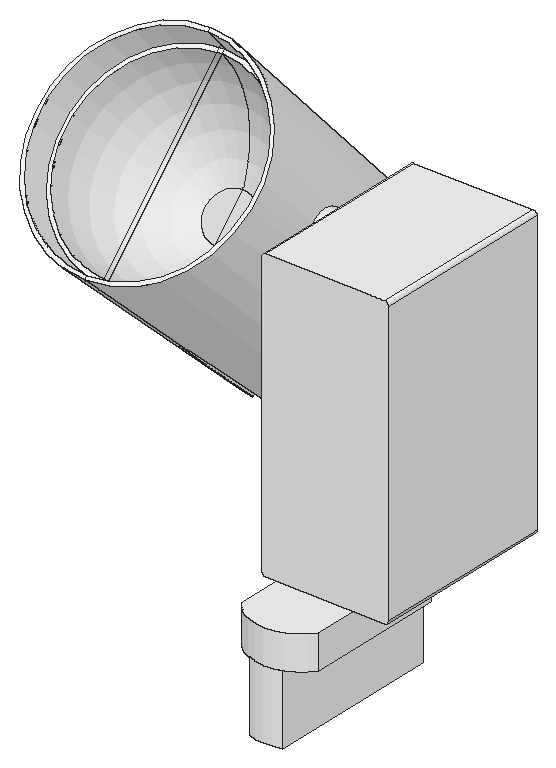
Revit family "0004812 Feilo Sylvania Lighting Fixture START TRACK SPOT S 14W 3K RA80 MB WHITE", category Lighting Fixtures, host Face, Revit 2017
Family settings
  Host = Face
  Round Connector Dimension = Use Diameter
  Part Type = Normal
  OmniClass Number = 23.80.70.00
  OmniClass Title = Lighting
  Cut with Voids When Loaded = No
  Light Source = No
  Shared = No
  Room Calculation Point = No
Parameters (values of type "0004812 START TRACK SPOT S 14W 3K RA80 MB WHITE")
  Weight = "0.94 kg"
  Wattage Comments = ""
  WarrantyStartDate [instance] = "n/a"
  WarrantyGuarantorParts = "n/a"
  WarrantyDurationUnit = "n/a"
  WarrantyDurationParts = "n/a"
  WarrantyDescription = "n/a"
  Voltage = 230 V
  URL = "http://www.sylvania-lighting.com"
  TypeName = "START TRACK SPOT S 14W 3K RA80 MB WHITE"
  TypeHead_FEILO = Start Track Spot Head : 0004812 START TRACK SPOT S 14W 3K RA80 MB WHITE
  TypeBox_FEILO = Start Track Spot Box : Type Small White
  Type Image = <None>
  Type Comments = "n/a"
  VerticalRotation_FEILO [instance] = 0.00°
  SlideEndAngle_FEILO [instance] = VerticalRotation_FEILO + 180.00°  # 180.00°
  SerialNumber [instance] = "n/a"
  Material_3_FEILO = none
  PowerFactor = 0.92
  PowerConsumption = "14 W"
  NominalLength = 0 mm
  NominalHeight = 200 mm
  NominalDepth = 140 mm
  Name = "START TRACK SPOT S 14W 3K RA80 MB WHITE"
  ModelReference = Name  # "START TRACK SPOT S 14W 3K RA80 MB WHITE"
  ModelNumber = "0004812"
  Model = Name  # "START TRACK SPOT S 14W 3K RA80 MB WHITE"
  Material = "adc12 aluminium housing, polycarbonate diffuser"
  ManufacturerName = "Feilo Sylvania"
  Manufacturer = "Feilo Sylvania"
  LuminousEfficacy = "108 lm/W"
  LuminaireType = ""
  LightOutputRatio = "100"
  LampsType = Lamp  # "LED"
  LampNominalLuminous = "1508 lm"
  LampMacAdamStep = "3"
  LampColourTemperature = "3000 K"
  LampColourRenderingIndex = "80"
  Lamp = "LED"
  Keynote = "16500"
  InstallationDate [instance] = "n/a"
  InputVoltage = "230-240V~"
  InputNominalFrequency = "50/60 Hz"
  IngressProtection = "IP20"
  ImpactProtectionIndex = "IK02"
  IfcExportType = "IfcLightFixtureType"
  IfcExportAs = "IfcLightFixtureType"
  HorizontalRotation_FEILO [instance] = 45.00°
  ExpectedLife = 50000
  ElectricShockClassification = "Class II"
  DurationUnit = "hours"
  DocumentationLiterature = "http://www.sylvania-lighting.com/product/en-int/products/0004812"
  DimmingControlOptions = "Non dimmable"
  Material_2_FEILO = none
  Description = "Integrated LED spotlight, Textured White - RAL9016, compact and minimalist design, ideal for retail applications, die-cast aluminium body, passive cooling heatsink. Beam angle: 36°, color temperature: 3000K , total system power: 14W, total fixture output: 1508 lm, LOR: 100%, colour rendering: Ra: 80 typical, LED Chromaticity: 3 step MacAdam ellipse, lifetime: >50000 hours at L70B50, energy class: A++, A+, A, IR/UV free light source without heat radiation, operating voltage: 220-240V / 50-60Hz, drive current: 350mA, electronic driver, non-dimmable, power factor: 0.92, electrical protection: Class II, Global Track 3 Phase adapter suitable for Global trac 3-circuit tracks, ingress protection rating: IP20, suitable for internal environment only, horizontal rotation: 355°, vertical tilt: 90°, dimensions: Ø86x140x200, weight: 0.940kg."
  Default Elevation = 1219.2 mm
  CreatedOn = "12/12/2017"
  CreatedBy = ""
  Cost = 0
  built-in parameter 1114216 [instance] = (empty or 0)
  ClassificationValue = "EF_70_80"
  ClassificationName = "Uniclass2015"
  Material_1_FEILO = Body-Sylvania-StartTrackSpot-White
  BarCode [instance] = "n/a"
  AssetType = "Fixed"
  AssetIdentifier [instance] = "n/a"
  Assembly Code = "D5020200"
  Apparent Load = 14 VA
  Material_4_FEILO = none
Reference planes
  plane 1 "Center (Front/Back)": y = 0
  plane 2: z = 0
  plane 3 "Center (Left/Right)": x = 0
  plane 4: x = 15
  plane 5: x = -15
  plane 6: y = 35
  plane 7: y = -35
  plane 8: z = 13
  plane 9: z = -27
  plane 10: x = 6.5
  plane 11: x = -6.5
  plane 12: y = 27
  plane 13: y = -27
  plane 14: y = 20
Forms (mm)
  Extrusion 1, solid, material "Body-Sylvania-StartTrackSpot-White" <- "Material_1_FEILO"
    sketch origin (0, 0, 0) x (1, 0, 0) y (0, 1, 0)
      loop
        line (-15, 27) -> (-15, -27)
        arc (-15, -27) -> (0, -35) -> (15, -27) r 18.062
        line (15, -27) -> (15, 27)
        arc (15, 27) -> (0, 35) -> (-15, 27) r 18.062
    from 0 to 13
  Extrusion 2, solid, material "Body-Sylvania-StartTrackSpot-White" <- "Material_1_FEILO"
    sketch origin (0, 0, 0) x (1, 0, 0) y (0, 1, 0)
      loop
        arc (6.5, 33.79) -> (0, 35) -> (-6.5, 33.79) r 18.062
        line (-6.5, 33.79) -> (-6.5, -33.79)
        arc (-6.5, -33.79) -> (0, -35) -> (6.5, -33.79) r 18.062
        line (6.5, -33.79) -> (6.5, 33.79)
    from 0 to -27
  Revolve 3, solid, not visible
    sketch origin (1524, 20, 1219.2) x (1, 0, 0) y (0, 0, 1)
      loop
        line (-1524, -1206.2) -> (-1524, -1191.285) -> (-1530.5, -1191.285) -> (-1530.5, -1206.2) -> (-1524, -1206.2)
      axis (-1524, -1191.285) -> (-1524, -1206.2)
    angle from 0 <- "VerticalRotation_FEILO" to 180 <- "SlideEndAngle_FEILO"
Cuts and joins
  joined: Extrusion 1, Extrusion 2
Dimensions and locks
  equal spacing: plane 10, plane 3 "Center (Left/Right)", plane 11
  equal spacing: plane 4, plane 3 "Center (Left/Right)", plane 5
  locked: plane 8 to plane 2 at 13
  locked: plane 8 to plane 9 at 40
  equal spacing: plane 13, plane 1 "Center (Front/Back)", plane 12
  locked: plane 12 to plane 6 at 8
  locked: plane 14 to plane 6 at 15
  locked: Revolve 3 sketch curve to plane 8 at 14.915
  aligned and locked: plane 2 to host face
  aligned and locked: level to host face
  aligned and locked: plane 5 to Extrusion 1 sketch curve  (x2)
  aligned and locked: plane 12 to Extrusion 1 sketch curve
  aligned and locked: plane 13 to Extrusion 1 sketch curve
  aligned and locked: plane 4 to Extrusion 1 sketch curve
  aligned and locked: Extrusion 1 to plane 8
  aligned and locked: Extrusion 1 to level
  aligned and locked: Extrusion 2 sketch curve to Extrusion 1  (x2)
  aligned and locked: Extrusion 2 sketch curve to plane 11
  aligned and locked: plane 10 to Extrusion 2 sketch curve
  aligned and locked: plane 9 to Extrusion 2
  aligned and locked: level to Extrusion 2
  aligned and locked: Revolve 3 sketch curve to plane 3 "Center (Left/Right)"  (x2)
  aligned and locked: plane 11 to Revolve 3 sketch curve
  aligned and locked: Revolve 3 sketch curve to plane 8
Automatic sketch dimensions
  host sketch curve to host sketch curve = 2438.4 mm  (x2)
  Extrusion 1 sketch curve to plane 3 "Center (Left/Right)" = 0 mm  (x2)
  Extrusion 1 sketch curve to plane 13 = 10.062 mm
  plane 12 to Extrusion 1 sketch curve = 10.062 mm
  Revolve 3 sketch curve to plane 3 "Center (Left/Right)" = 0 mm
  plane 9 to Revolve 3 sketch curve = 582.6 mm
  Revolve 3 sketch curve to Revolve 3 sketch curve = 2581.144 mm
Nested families
  nested 1: "Start Track Spot Head" at (-62, 20, 112.529) x (0, 0.7071, 0.7071) z (0, 0.7071, -0.7071), type <- "TypeHead_FEILO", type "0004812 START TRACK SPOT S 14W 3K RA80 MB WHITE"
    with built-in parameter 1114216 (empty or 0)
  nested 2: "Start Track Spot Box" at (8.5, 20, 73) x (-1, 0, 0) z (0, -1, 0), BoxStartAngle_FEILO <- "HorizontalRotation_FEILO", type <- "TypeBox_FEILO", type "Type Small White"
    with BoxStartAngle_FEILO 45.00°, BoxEndAngle_FEILO -135.00°
Connectors
  electrical at (0, 0, 0), driven by "Apparent Load", driven by "PowerFactor", driven by "Voltage"
    settings: index 1, voltage 230 V, apparent load 14 VA, apparent load phase1 0 VA, apparent load phase2 0 VA, apparent load phase3 0 VA, power factor 0.92, load classification "Lighting", number of poles 1, system type 30, power factor state 1, is connector primary yes, connector utility no, sub classification motor no, connector description ""
Definition of nested family "Start Track Spot Head"
  Parameters (values of type "0004811 START TRACK SPOT S 14W 3K RA80 NB WHITE")
    Wattage Comments = "n/a"
    Wattage = 14 W
    built-in parameter 1150110 = 1 (stored number, unit not read)
    URL = "http://www.feilosylvania.com"
    Type Image = (empty or 0)
    Type Comments = "n/a"
    built-in parameter 1114217 = 1 (stored number, unit not read)
    Tilt Angle = -90.00°
    built-in parameter 1150109 = 1 (stored number, unit not read)
    built-in parameter 1150134 = (empty or 0)
    built-in parameter 1150113 = 1 (stored number, unit not read)
    Photometric Web File = "0004811.ies"
    Material_3_FEILO = none
    Model = "START TRACK SPOT S 14W 3K RA80 NB WHITE"
    Manufacturer = "Feilo Sylvania"
    built-in parameter 1150105 = 123.66 (stored number, unit not read)
    Lumens = 1554 lm
    built-in parameter 1150115 = 1 (stored number, unit not read)
    built-in parameter 1150137 = (empty or 0)
    built-in parameter 1150139 = (empty or 0)
    built-in parameter 1150112 = 1 (stored number, unit not read)
    built-in parameter 1150114 = 1 (stored number, unit not read)
    Lamp = "LED"
    Keynote = "16500"
    Material_2_FEILO = none
    built-in parameter 1150132 = (empty or 0)
    built-in parameter 1150102 = (empty or 0)
    built-in parameter 1150107 = 3000 (stored number, unit not read)
    built-in parameter 1150138 = (empty or 0)
    built-in parameter 1150106 = 1.2366 (stored number, unit not read)
    HeadThickness_FEILO = if(HeadDiaOut_FEILO > 112 mm, 2 mm, 1.5 mm)  # 1.5 mm
    HeadRibOffset_FEILO = HeadHeight_FEILO / 28  # 4.179 mm
    HeadRibDepth_FEILO = HeadHeight_FEILO / 2.1  # 55.714 mm
    HeadRibCutWidth_FEILO = HeadDiaOut_FEILO / 12  # 7.167 mm
    HeadRibCutOffset_FEILO = HeadHeight_FEILO / 2.3  # 50.87 mm
    HeadReflectorRadius_FEILO = HeadDiaOut_FEILO / 1.7  # 50.588 mm
    HeadReflectorOffset_FEILO = HeadHeight_FEILO / 2.1  # 55.714 mm
    HeadLEDRadius_FEILO = HeadDiaOut_FEILO / 9  # 9.556 mm
    HeadHeight_FEILO = 117 mm
    HeadDraft_FEILO = 1 mm
    HeadDiffusorThickness_FEILO = 3 mm
    HeadDiffusorOffset_FEILO = HeadHeight_FEILO / 12.4  # 9.435 mm
    HeadDiaOut_FEILO = 86 mm
    HeadDiaIn_FEILO = HeadDiaOut_FEILO / 1.11  # 77.477 mm
    HeadAxisFromTop_FEILO = HeadHeight_FEILO / 1.687  # 69.354 mm
    Emit from Circle Diameter = HeadDiaIn_FEILO  # 77.477 mm
    Emit Shape Visible in Rendering = no
    built-in parameter 1150104 = 10.312 (stored number, unit not read)
    Dimming Lamp Color Temperature Shift = (empty or 0)
    Description = "Integrated LED spotlight, Textured White - RAL9016, compact and minimalist design, ideal for retail applications, die-cast aluminium body, passive cooling heatsink. Beam angle: 12°, color temperature: 3000K , total system power: 14W, total fixture output: 1551 lm, LOR: 100%, colour rendering: Ra: 80 typical, LED Chromaticity: 3 step MacAdam ellipse, lifetime: >50000 hours at L70B50, energy class: A++, A+, A, IR/UV free light source without heat radiation, operating voltage: 220-240V / 50-60Hz, drive current: 350mA, electronic driver, non-dimmable, power factor: 0.92, electrical protection: Class II, Global Track 3 Phase adapter suitable for Global trac 3-circuit tracks, ingress protection rating: IP20, suitable for internal environment only, horizontal rotation: 355°, vertical tilt: 90°, dimensions: Ø86x140x200, weight: 0.940kg."
    Default Elevation = 1219.2 mm
    Cost = 0
    Color Filter = 16777215
    built-in parameter 1114216 [instance] = (empty or 0)
    Material_1_FEILO = none
    built-in parameter 1114218 = 1 (stored number, unit not read)
    built-in parameter 1150133 = 10 (stored number, unit not read)
    Assembly Code = "D5020200"
    Apparent Load = 14 VA
    Material_4_FEILO = none
  Types (96, lengths in mm): name | Wattage | built-in parameter 1150134 | Photometric Web File | Model | built-in parameter 1150105 | Lumens | built-in parameter 1150107 | built-in parameter 1150106 | HeadThickness_FEILO | HeadRibOffset_FEILO | HeadRibDepth_FEILO | HeadRibCutWidth_FEILO | HeadRibCutOffset_FEILO | HeadReflectorRadius_FEILO | HeadReflectorOffset_FEILO | HeadLEDRadius_FEILO | HeadHeight_FEILO | HeadDiffusorOffset_FEILO | HeadDiaOut_FEILO | HeadDiaIn_FEILO | HeadAxisFromTop_FEILO | Emit from Circle Diameter | built-in parameter 1150104 | Description | Apparent Load
    0004906 START TRACK SPOT L 55W 4K RA90 WB BLACK | 55 W | 12 | "0004906.ies" | "START TRACK SPOT L 55W 4K RA90 WB BLACK" | 385.15 (stored number, unit not read) | 4840 lm | 4000 (stored number, unit not read) | 3.8515 (stored number, unit not read) | 2 | 4.429 | 59.048 | 9.417 | 53.913 | 66.471 | 59.048 | 12.556 | 124 | 10 | 113 | 101.802 | 73.503 | 101.802 | 8.1755 (stored number, unit not read) | "Integrated LED spotlight, Textured Black - RAL9005, compact and minimalist design, ideal for retail applications, die-cast aluminium body, passive cooling heatsink. Beam angle: 52°, color temperature: 4000K , total system power: 55W, total fixture output: 4824 lm, LOR: 100%, colour rendering: Ra: 90 typical, LED Chromaticity: 3 step MacAdam ellipse, lifetime: >50000 hours at L70B50, energy class: A++, A+, A, IR/UV free light source without heat radiation, operating voltage: 220-240V / 50-60Hz, drive current: 1400mA, electronic driver, non-dimmable, power factor: 0.96, electrical protection: Class II, Global Track 3 Phase adapter suitable for Global trac 3-circuit tracks, ingress protection rating: IP20, suitable for internal environment only, horizontal rotation: 355°, vertical tilt: 90°, dimensions: Ø113x164x240, weight: 1.398kg." | 55 VA
    0004905 START TRACK SPOT L 55W 4K RA90 MB BLACK | 55 W | 12 | "0004905.ies" | "START TRACK SPOT L 55W 4K RA90 MB BLACK" | 389.53 (stored number, unit not read) | 4895 lm | 4000 (stored number, unit not read) | 3.8953 (stored number, unit not read) | 2 | 4.429 | 59.048 | 9.417 | 53.913 | 66.471 | 59.048 | 12.556 | 124 | 10 | 113 | 101.802 | 73.503 | 101.802 | 8.2684 (stored number, unit not read) | "Integrated LED spotlight, Textured Black - RAL9005, compact and minimalist design, ideal for retail applications, die-cast aluminium body, passive cooling heatsink. Beam angle: 38°, color temperature: 4000K , total system power: 55W, total fixture output: 4897 lm, LOR: 100%, colour rendering: Ra: 90 typical, LED Chromaticity: 3 step MacAdam ellipse, lifetime: >50000 hours at L70B50, energy class: A++, A+, A, IR/UV free light source without heat radiation, operating voltage: 220-240V / 50-60Hz, drive current: 1400mA, electronic driver, non-dimmable, power factor: 0.96, electrical protection: Class II, Global Track 3 Phase adapter suitable for Global trac 3-circuit tracks, ingress protection rating: IP20, suitable for internal environment only, horizontal rotation: 355°, vertical tilt: 90°, dimensions: Ø113x164x240, weight: 1.398kg." | 55 VA
    0004904 START TRACK SPOT L 55W 4K RA90 NB BLACK | 55 W | 12 | "0004904.ies" | "START TRACK SPOT L 55W 4K RA90 NB BLACK" | 393.91 (stored number, unit not read) | 4950 lm | 4000 (stored number, unit not read) | 3.9391 (stored number, unit not read) | 2 | 4.429 | 59.048 | 9.417 | 53.913 | 66.471 | 59.048 | 12.556 | 124 | 10 | 113 | 101.802 | 73.503 | 101.802 | 8.3613 (stored number, unit not read) | "Integrated LED spotlight, Textured Black - RAL9005, compact and minimalist design, ideal for retail applications, die-cast aluminium body, passive cooling heatsink. Beam angle: 15°, color temperature: 4000K , total system power: 55W, total fixture output: 4965 lm, LOR: 100%, colour rendering: Ra: 90 typical, LED Chromaticity: 3 step MacAdam ellipse, lifetime: >50000 hours at L70B50, energy class: A++, A+, A, IR/UV free light source without heat radiation, operating voltage: 220-240V / 50-60Hz, drive current: 1400mA, electronic driver, non-dimmable, power factor: 0.96, electrical protection: Class II, Global Track 3 Phase adapter suitable for Global trac 3-circuit tracks, ingress protection rating: IP20, suitable for internal environment only, horizontal rotation: 355°, vertical tilt: 90°, dimensions: Ø113x164x240, weight: 1.398kg." | 55 VA
    0004903 START TRACK SPOT L 35W 4K RA90 WB BLACK | 35 W | 12 | "0004903.ies" | "START TRACK SPOT L 35W 4K RA90 WB BLACK" | 284.09 (stored number, unit not read) | 3570 lm | 4000 (stored number, unit not read) | 2.8409 (stored number, unit not read) | 2 | 4.429 | 59.048 | 9.417 | 53.913 | 66.471 | 59.048 | 12.556 | 124 | 10 | 113 | 101.802 | 73.503 | 101.802 | 9.4761 (stored number, unit not read) | "Integrated LED spotlight, Textured Black - RAL9005, compact and minimalist design, ideal for retail applications, die-cast aluminium body, passive cooling heatsink. Beam angle: 52°, color temperature: 4000K , total system power: 35W, total fixture output: 3562 lm, LOR: 100%, colour rendering: Ra: 90 typical, LED Chromaticity: 3 step MacAdam ellipse, lifetime: >50000 hours at L70B50, energy class: A++, A+, A, IR/UV free light source without heat radiation, operating voltage: 220-240V / 50-60Hz, drive current: 900mA, electronic driver, non-dimmable, power factor: 0.93, electrical protection: Class II, Global Track 3 Phase adapter suitable for Global trac 3-circuit tracks, ingress protection rating: IP20, suitable for internal environment only, horizontal rotation: 355°, vertical tilt: 90°, dimensions: Ø113x164x240, weight: 1.368kg." | 35 VA
    0004902 START TRACK SPOT L 35W 4K RA90 MB BLACK | 35 W | 12 | "0004902.ies" | "START TRACK SPOT L 35W 4K RA90 MB BLACK" | 286.88 (stored number, unit not read) | 3605 lm | 4000 (stored number, unit not read) | 2.8688 (stored number, unit not read) | 2 | 4.429 | 59.048 | 9.417 | 53.913 | 66.471 | 59.048 | 12.556 | 124 | 10 | 113 | 101.802 | 73.503 | 101.802 | 9.569 (stored number, unit not read) | "Integrated LED spotlight, Textured Black - RAL9005, compact and minimalist design, ideal for retail applications, die-cast aluminium body, passive cooling heatsink. Beam angle: 38°, color temperature: 4000K , total system power: 35W, total fixture output: 3616 lm, LOR: 100%, colour rendering: Ra: 90 typical, LED Chromaticity: 3 step MacAdam ellipse, lifetime: >50000 hours at L70B50, energy class: A++, A+, A, IR/UV free light source without heat radiation, operating voltage: 220-240V / 50-60Hz, drive current: 900mA, electronic driver, non-dimmable, power factor: 0.93, electrical protection: Class II, Global Track 3 Phase adapter suitable for Global trac 3-circuit tracks, ingress protection rating: IP20, suitable for internal environment only, horizontal rotation: 355°, vertical tilt: 90°, dimensions: Ø113x164x240, weight: 1.368kg." | 35 VA
    0004901 START TRACK SPOT L 35W 4K RA90 NB BLACK | 35 W | 12 | "0004901.ies" | "START TRACK SPOT L 35W 4K RA90 NB BLACK" | 286.88 (stored number, unit not read) | 3605 lm | 4000 (stored number, unit not read) | 2.8688 (stored number, unit not read) | 2 | 4.429 | 59.048 | 9.417 | 53.913 | 66.471 | 59.048 | 12.556 | 124 | 10 | 113 | 101.802 | 73.503 | 101.802 | 9.569 (stored number, unit not read) | "Integrated LED spotlight, Textured Black - RAL9005, compact and minimalist design, ideal for retail applications, die-cast aluminium body, passive cooling heatsink. Beam angle: 15°, color temperature: 4000K , total system power: 35W, total fixture output: 3593 lm, LOR: 100%, colour rendering: Ra: 90 typical, LED Chromaticity: 3 step MacAdam ellipse, lifetime: >50000 hours at L70B50, energy class: A++, A+, A, IR/UV free light source without heat radiation, operating voltage: 220-240V / 50-60Hz, drive current: 900mA, electronic driver, non-dimmable, power factor: 0.93, electrical protection: Class II, Global Track 3 Phase adapter suitable for Global trac 3-circuit tracks, ingress protection rating: IP20, suitable for internal environment only, horizontal rotation: 355°, vertical tilt: 90°, dimensions: Ø113x164x240, weight: 1.368kg." | 35 VA
    0004900 START TRACK SPOT S 24W 4K RA90 WB BLACK | 24 W | 12 | "0004900.ies" | "START TRACK SPOT S 24W 4K RA90 WB BLACK" | 166.16 (stored number, unit not read) | 2088 lm | 4000 (stored number, unit not read) | 1.6616 (stored number, unit not read) | 1.5 | 4.179 | 55.714 | 7.167 | 50.87 | 50.588 | 55.714 | 9.556 | 117 | 9.435 | 86 | 77.477 | 69.354 | 77.477 | 8.0826 (stored number, unit not read) | "Integrated LED spotlight, Textured Black - RAL9005, compact and minimalist design, ideal for retail applications, die-cast aluminium body, passive cooling heatsink. Beam angle: 64°, color temperature: 4000K , total system power: 24W, total fixture output: 2087 lm, LOR: 100%, colour rendering: Ra: 90 typical, LED Chromaticity: 3 step MacAdam ellipse, lifetime: >50000 hours at L70B50, energy class: A++, A+, A, IR/UV free light source without heat radiation, operating voltage: 220-240V / 50-60Hz, drive current: 600mA, electronic driver, non-dimmable, power factor: 0.95, electrical protection: Class II, Global Track 3 Phase adapter suitable for Global trac 3-circuit tracks, ingress protection rating: IP20, suitable for internal environment only, horizontal rotation: 355°, vertical tilt: 90°, dimensions: Ø86x140x200, weight: 0.966kg." | 24 VA
    0004899 START TRACK SPOT S 24W 4K RA90 MB BLACK | 24 W | 12 | "0004899.ies" | "START TRACK SPOT S 24W 4K RA90 MB BLACK" | 169.98 (stored number, unit not read) | 2136 lm | 4000 (stored number, unit not read) | 1.6998 (stored number, unit not read) | 1.5 | 4.179 | 55.714 | 7.167 | 50.87 | 50.588 | 55.714 | 9.556 | 117 | 9.435 | 86 | 77.477 | 69.354 | 77.477 | 8.2684 (stored number, unit not read) | "Integrated LED spotlight, Textured Black - RAL9005, compact and minimalist design, ideal for retail applications, die-cast aluminium body, passive cooling heatsink. Beam angle: 36°, color temperature: 4000K , total system power: 24W, total fixture output: 2141 lm, LOR: 100%, colour rendering: Ra: 90 typical, LED Chromaticity: 3 step MacAdam ellipse, lifetime: >50000 hours at L70B50, energy class: A++, A+, A, IR/UV free light source without heat radiation, operating voltage: 220-240V / 50-60Hz, drive current: 600mA, electronic driver, non-dimmable, power factor: 0.95, electrical protection: Class II, Global Track 3 Phase adapter suitable for Global trac 3-circuit tracks, ingress protection rating: IP20, suitable for internal environment only, horizontal rotation: 355°, vertical tilt: 90°, dimensions: Ø86x140x200, weight: 0.966kg." | 24 VA
    0004898 START TRACK SPOT S 24W 4K RA90 NB BLACK | 24 W | 12 | "0004898.ies" | "START TRACK SPOT S 24W 4K RA90 NB BLACK" | 171.89 (stored number, unit not read) | 2160 lm | 4000 (stored number, unit not read) | 1.7189 (stored number, unit not read) | 1.5 | 4.179 | 55.714 | 7.167 | 50.87 | 50.588 | 55.714 | 9.556 | 117 | 9.435 | 86 | 77.477 | 69.354 | 77.477 | 8.3613 (stored number, unit not read) | "Integrated LED spotlight, Textured Black - RAL9005, compact and minimalist design, ideal for retail applications, die-cast aluminium body, passive cooling heatsink. Beam angle: 12°, color temperature: 4000K , total system power: 24W, total fixture output: 2155 lm, LOR: 100%, colour rendering: Ra: 90 typical, LED Chromaticity: 3 step MacAdam ellipse, lifetime: >50000 hours at L70B50, energy class: A++, A+, A, IR/UV free light source without heat radiation, operating voltage: 220-240V / 50-60Hz, drive current: 600mA, electronic driver, non-dimmable, power factor: 0.95, electrical protection: Class II, Global Track 3 Phase adapter suitable for Global trac 3-circuit tracks, ingress protection rating: IP20, suitable for internal environment only, horizontal rotation: 355°, vertical tilt: 90°, dimensions: Ø86x140x200, weight: 0.966kg." | 24 VA
    0004897 START TRACK SPOT S 14W 4K RA90 WB BLACK | 14 W | 12 | "0004897.ies" | "START TRACK SPOT S 14W 4K RA90 WB BLACK" | 108.07 (stored number, unit not read) | 1358 lm | 4000 (stored number, unit not read) | 1.0807 (stored number, unit not read) | 1.5 | 4.179 | 55.714 | 7.167 | 50.87 | 50.588 | 55.714 | 9.556 | 117 | 9.435 | 86 | 77.477 | 69.354 | 77.477 | 9.0116 (stored number, unit not read) | "Integrated LED spotlight, Textured Black - RAL9005, compact and minimalist design, ideal for retail applications, die-cast aluminium body, passive cooling heatsink. Beam angle: 64°, color temperature: 4000K , total system power: 14W, total fixture output: 1352 lm, LOR: 100%, colour rendering: Ra: 90 typical, LED Chromaticity: 3 step MacAdam ellipse, lifetime: >50000 hours at L70B50, energy class: A++, A+, A, IR/UV free light source without heat radiation, operating voltage: 220-240V / 50-60Hz, drive current: 350mA, electronic driver, non-dimmable, power factor: 0.92, electrical protection: Class II, Global Track 3 Phase adapter suitable for Global trac 3-circuit tracks, ingress protection rating: IP20, suitable for internal environment only, horizontal rotation: 355°, vertical tilt: 90°, dimensions: Ø86x140x200, weight: 0.940kg." | 14 VA
    0004896 START TRACK SPOT S 14W 4K RA90 MB BLACK | 14 W | 12 | "0004896.ies" | "START TRACK SPOT S 14W 4K RA90 MB BLACK" | 108.07 (stored number, unit not read) | 1358 lm | 4000 (stored number, unit not read) | 1.0807 (stored number, unit not read) | 1.5 | 4.179 | 55.714 | 7.167 | 50.87 | 50.588 | 55.714 | 9.556 | 117 | 9.435 | 86 | 77.477 | 69.354 | 77.477 | 9.0116 (stored number, unit not read) | "Integrated LED spotlight, Textured Black - RAL9005, compact and minimalist design, ideal for retail applications, die-cast aluminium body, passive cooling heatsink. Beam angle: 36°, color temperature: 4000K , total system power: 14W, total fixture output: 1359 lm, LOR: 100%, colour rendering: Ra: 90 typical, LED Chromaticity: 3 step MacAdam ellipse, lifetime: >50000 hours at L70B50, energy class: A++, A+, A, IR/UV free light source without heat radiation, operating voltage: 220-240V / 50-60Hz, drive current: 350mA, electronic driver, non-dimmable, power factor: 0.92, electrical protection: Class II, Global Track 3 Phase adapter suitable for Global trac 3-circuit tracks, ingress protection rating: IP20, suitable for internal environment only, horizontal rotation: 355°, vertical tilt: 90°, dimensions: Ø86x140x200, weight: 0.940kg." | 14 VA
    0004895 START TRACK SPOT S 14W 4K RA90 NB BLACK | 14 W | 12 | "0004895.ies" | "START TRACK SPOT S 14W 4K RA90 NB BLACK" | 106.95 (stored number, unit not read) | 1344 lm | 4000 (stored number, unit not read) | 1.0695 (stored number, unit not read) | 1.5 | 4.179 | 55.714 | 7.167 | 50.87 | 50.588 | 55.714 | 9.556 | 117 | 9.435 | 86 | 77.477 | 69.354 | 77.477 | 8.9187 (stored number, unit not read) | "Integrated LED spotlight, Textured Black - RAL9005, compact and minimalist design, ideal for retail applications, die-cast aluminium body, passive cooling heatsink. Beam angle: 12°, color temperature: 4000K , total system power: 14W, total fixture output: 1349 lm, LOR: 100%, colour rendering: Ra: 90 typical, LED Chromaticity: 3 step MacAdam ellipse, lifetime: >50000 hours at L70B50, energy class: A++, A+, A, IR/UV free light source without heat radiation, operating voltage: 220-240V / 50-60Hz, drive current: 350mA, electronic driver, non-dimmable, power factor: 0.92, electrical protection: Class II, Global Track 3 Phase adapter suitable for Global trac 3-circuit tracks, ingress protection rating: IP20, suitable for internal environment only, horizontal rotation: 355°, vertical tilt: 90°, dimensions: Ø86x140x200, weight: 0.940kg." | 14 VA
    0004894 START TRACK SPOT L 55W 3K RA90 WB BLACK | 55 W | (empty or 0) | "0004894.ies" | "START TRACK SPOT L 55W 3K RA90 WB BLACK" | 350.14 (stored number, unit not read) | 4400 lm | 3000 (stored number, unit not read) | 3.5014 (stored number, unit not read) | 2 | 4.429 | 59.048 | 9.417 | 53.913 | 66.471 | 59.048 | 12.556 | 124 | 10 | 113 | 101.802 | 73.503 | 101.802 | 7.4322 (stored number, unit not read) | "Integrated LED spotlight, Textured Black - RAL9005, compact and minimalist design, ideal for retail applications, die-cast aluminium body, passive cooling heatsink. Beam angle: 52°, color temperature: 3000K , total system power: 55W, total fixture output: 4405 lm, LOR: 100%, colour rendering: Ra: 90 typical, LED Chromaticity: 3 step MacAdam ellipse, lifetime: >50000 hours at L70B50, energy class: A++, A+, A, IR/UV free light source without heat radiation, operating voltage: 220-240V / 50-60Hz, drive current: 1400mA, electronic driver, non-dimmable, power factor: 0.96, electrical protection: Class II, Global Track 3 Phase adapter suitable for Global trac 3-circuit tracks, ingress protection rating: IP20, suitable for internal environment only, horizontal rotation: 355°, vertical tilt: 90°, dimensions: Ø113x164x240, weight: 1.398kg." | 55 VA
    0004893 START TRACK SPOT L 55W 3K RA90 MB BLACK | 55 W | (empty or 0) | "0004893.ies" | "START TRACK SPOT L 55W 3K RA90 MB BLACK" | 354.52 (stored number, unit not read) | 4455 lm | 3000 (stored number, unit not read) | 3.5452 (stored number, unit not read) | 2 | 4.429 | 59.048 | 9.417 | 53.913 | 66.471 | 59.048 | 12.556 | 124 | 10 | 113 | 101.802 | 73.503 | 101.802 | 7.5251 (stored number, unit not read) | "Integrated LED spotlight, Textured Black - RAL9005, compact and minimalist design, ideal for retail applications, die-cast aluminium body, passive cooling heatsink. Beam angle: 38°, color temperature: 3000K , total system power: 55W, total fixture output: 4448 lm, LOR: 100%, colour rendering: Ra: 90 typical, LED Chromaticity: 3 step MacAdam ellipse, lifetime: >50000 hours at L70B50, energy class: A++, A+, A, IR/UV free light source without heat radiation, operating voltage: 220-240V / 50-60Hz, drive current: 1400mA, electronic driver, non-dimmable, power factor: 0.96, electrical protection: Class II, Global Track 3 Phase adapter suitable for Global trac 3-circuit tracks, ingress protection rating: IP20, suitable for internal environment only, horizontal rotation: 355°, vertical tilt: 90°, dimensions: Ø113x164x240, weight: 1.398kg." | 55 VA
    0004892 START TRACK SPOT L 55W 3K RA90 NB BLACK | 55 W | (empty or 0) | "0004892.ies" | "START TRACK SPOT L 55W 3K RA90 NB BLACK" | 350.14 (stored number, unit not read) | 4400 lm | 3000 (stored number, unit not read) | 3.5014 (stored number, unit not read) | 2 | 4.429 | 59.048 | 9.417 | 53.913 | 66.471 | 59.048 | 12.556 | 124 | 10 | 113 | 101.802 | 73.503 | 101.802 | 7.4322 (stored number, unit not read) | "Integrated LED spotlight, Textured Black - RAL9005, compact and minimalist design, ideal for retail applications, die-cast aluminium body, passive cooling heatsink. Beam angle: 15°, color temperature: 3000K , total system power: 55W, total fixture output: 4416 lm, LOR: 100%, colour rendering: Ra: 90 typical, LED Chromaticity: 3 step MacAdam ellipse, lifetime: >50000 hours at L70B50, energy class: A++, A+, A, IR/UV free light source without heat radiation, operating voltage: 220-240V / 50-60Hz, drive current: 1400mA, electronic driver, non-dimmable, power factor: 0.96, electrical protection: Class II, Global Track 3 Phase adapter suitable for Global trac 3-circuit tracks, ingress protection rating: IP20, suitable for internal environment only, horizontal rotation: 355°, vertical tilt: 90°, dimensions: Ø113x164x240, weight: 1.398kg." | 55 VA
    0004891 START TRACK SPOT L 35W 3K RA90 WB BLACK | 35 W | (empty or 0) | "0004891.ies" | "START TRACK SPOT L 35W 3K RA90 WB BLACK" | 259.02 (stored number, unit not read) | 3255 lm | 3000 (stored number, unit not read) | 2.5902 (stored number, unit not read) | 2 | 4.429 | 59.048 | 9.417 | 53.913 | 66.471 | 59.048 | 12.556 | 124 | 10 | 113 | 101.802 | 73.503 | 101.802 | 8.64 (stored number, unit not read) | "Integrated LED spotlight, Textured Black - RAL9005, compact and minimalist design, ideal for retail applications, die-cast aluminium body, passive cooling heatsink. Beam angle: 52°, color temperature: 3000K , total system power: 35W, total fixture output: 3260 lm, LOR: 100%, colour rendering: Ra: 90 typical, LED Chromaticity: 3 step MacAdam ellipse, lifetime: >50000 hours at L70B50, energy class: A++, A+, A, IR/UV free light source without heat radiation, operating voltage: 220-240V / 50-60Hz, drive current: 900mA, electronic driver, non-dimmable, power factor: 0.93, electrical protection: Class II, Global Track 3 Phase adapter suitable for Global trac 3-circuit tracks, ingress protection rating: IP20, suitable for internal environment only, horizontal rotation: 355°, vertical tilt: 90°, dimensions: Ø113x164x240, weight: 1.368kg." | 35 VA
    0004890 START TRACK SPOT L 35W 3K RA90 MB BLACK | 35 W | (empty or 0) | "0004890.ies" | "START TRACK SPOT L 35W 3K RA90 MB BLACK" | 261.81 (stored number, unit not read) | 3290 lm | 3000 (stored number, unit not read) | 2.6181 (stored number, unit not read) | 2 | 4.429 | 59.048 | 9.417 | 53.913 | 66.471 | 59.048 | 12.556 | 124 | 10 | 113 | 101.802 | 73.503 | 101.802 | 8.7329 (stored number, unit not read) | "Integrated LED spotlight, Textured Black - RAL9005, compact and minimalist design, ideal for retail applications, die-cast aluminium body, passive cooling heatsink. Beam angle: 38°, color temperature: 3000K , total system power: 35W, total fixture output: 3306 lm, LOR: 100%, colour rendering: Ra: 90 typical, LED Chromaticity: 3 step MacAdam ellipse, lifetime: >50000 hours at L70B50, energy class: A++, A+, A, IR/UV free light source without heat radiation, operating voltage: 220-240V / 50-60Hz, drive current: 900mA, electronic driver, non-dimmable, power factor: 0.93, electrical protection: Class II, Global Track 3 Phase adapter suitable for Global trac 3-circuit tracks, ingress protection rating: IP20, suitable for internal environment only, horizontal rotation: 355°, vertical tilt: 90°, dimensions: Ø113x164x240, weight: 1.368kg." | 35 VA
    0004889 START TRACK SPOT L 35W 3K RA90 NB BLACK | 35 W | (empty or 0) | "0004889.ies" | "START TRACK SPOT L 35W 3K RA90 NB BLACK" | 261.81 (stored number, unit not read) | 3290 lm | 3000 (stored number, unit not read) | 2.6181 (stored number, unit not read) | 2 | 4.429 | 59.048 | 9.417 | 53.913 | 66.471 | 59.048 | 12.556 | 124 | 10 | 113 | 101.802 | 73.503 | 101.802 | 8.7329 (stored number, unit not read) | "Integrated LED spotlight, Textured Black - RAL9005, compact and minimalist design, ideal for retail applications, die-cast aluminium body, passive cooling heatsink. Beam angle: 15°, color temperature: 3000K , total system power: 35W, total fixture output: 3287 lm, LOR: 100%, colour rendering: Ra: 90 typical, LED Chromaticity: 3 step MacAdam ellipse, lifetime: >50000 hours at L70B50, energy class: A++, A+, A, IR/UV free light source without heat radiation, operating voltage: 220-240V / 50-60Hz, drive current: 900mA, electronic driver, non-dimmable, power factor: 0.93, electrical protection: Class II, Global Track 3 Phase adapter suitable for Global trac 3-circuit tracks, ingress protection rating: IP20, suitable for internal environment only, horizontal rotation: 355°, vertical tilt: 90°, dimensions: Ø113x164x240, weight: 1.368kg." | 35 VA
    0004888 START TRACK SPOT S 24W 3K RA90 WB BLACK | 24 W | (empty or 0) | "0004888.ies" | "START TRACK SPOT S 24W 3K RA90 WB BLACK" | 152.79 (stored number, unit not read) | 1920 lm | 3000 (stored number, unit not read) | 1.5279 (stored number, unit not read) | 1.5 | 4.179 | 55.714 | 7.167 | 50.87 | 50.588 | 55.714 | 9.556 | 117 | 9.435 | 86 | 77.477 | 69.354 | 77.477 | 7.4322 (stored number, unit not read) | "Integrated LED spotlight, Textured Black - RAL9005, compact and minimalist design, ideal for retail applications, die-cast aluminium body, passive cooling heatsink. Beam angle: 64°, color temperature: 3000K , total system power: 24W, total fixture output: 1928 lm, LOR: 100%, colour rendering: Ra: 90 typical, LED Chromaticity: 3 step MacAdam ellipse, lifetime: >50000 hours at L70B50, energy class: A++, A+, A, IR/UV free light source without heat radiation, operating voltage: 220-240V / 50-60Hz, drive current: 600mA, electronic driver, non-dimmable, power factor: 0.95, electrical protection: Class II, Global Track 3 Phase adapter suitable for Global trac 3-circuit tracks, ingress protection rating: IP20, suitable for internal environment only, horizontal rotation: 355°, vertical tilt: 90°, dimensions: Ø86x140x200, weight: 0.966kg." | 24 VA
    0004887 START TRACK SPOT S 24W 3K RA90 MB BLACK | 24 W | (empty or 0) | "0004887.ies" | "START TRACK SPOT S 24W 3K RA90 MB BLACK" | 154.7 (stored number, unit not read) | 1944 lm | 3000 (stored number, unit not read) | 1.547 (stored number, unit not read) | 1.5 | 4.179 | 55.714 | 7.167 | 50.87 | 50.588 | 55.714 | 9.556 | 117 | 9.435 | 86 | 77.477 | 69.354 | 77.477 | 7.5251 (stored number, unit not read) | "Integrated LED spotlight, Textured Black - RAL9005, compact and minimalist design, ideal for retail applications, die-cast aluminium body, passive cooling heatsink. Beam angle: 36°, color temperature: 3000K , total system power: 24W, total fixture output: 1944 lm, LOR: 100%, colour rendering: Ra: 90 typical, LED Chromaticity: 3 step MacAdam ellipse, lifetime: >50000 hours at L70B50, energy class: A++, A+, A, IR/UV free light source without heat radiation, operating voltage: 220-240V / 50-60Hz, drive current: 600mA, electronic driver, non-dimmable, power factor: 0.95, electrical protection: Class II, Global Track 3 Phase adapter suitable for Global trac 3-circuit tracks, ingress protection rating: IP20, suitable for internal environment only, horizontal rotation: 355°, vertical tilt: 90°, dimensions: Ø86x140x200, weight: 0.966kg." | 24 VA
    0004886 START TRACK SPOT S 24W 3K RA90 NB BLACK | 24 W | (empty or 0) | "0004886.ies" | "START TRACK SPOT S 24W 3K RA90 NB BLACK" | 158.52 (stored number, unit not read) | 1992 lm | 3000 (stored number, unit not read) | 1.5852 (stored number, unit not read) | 1.5 | 4.179 | 55.714 | 7.167 | 50.87 | 50.588 | 55.714 | 9.556 | 117 | 9.435 | 86 | 77.477 | 69.354 | 77.477 | 7.711 (stored number, unit not read) | "Integrated LED spotlight, Textured Black - RAL9005, compact and minimalist design, ideal for retail applications, die-cast aluminium body, passive cooling heatsink. Beam angle: 12°, color temperature: 3000K , total system power: 24W, total fixture output: 1987 lm, LOR: 100%, colour rendering: Ra: 90 typical, LED Chromaticity: 3 step MacAdam ellipse, lifetime: >50000 hours at L70B50, energy class: A++, A+, A, IR/UV free light source without heat radiation, operating voltage: 220-240V / 50-60Hz, drive current: 600mA, electronic driver, non-dimmable, power factor: 0.95, electrical protection: Class II, Global Track 3 Phase adapter suitable for Global trac 3-circuit tracks, ingress protection rating: IP20, suitable for internal environment only, horizontal rotation: 355°, vertical tilt: 90°, dimensions: Ø86x140x200, weight: 0.966kg." | 24 VA
    0004885 START TRACK SPOT S 14W 3K RA90 WB BLACK | 14 W | (empty or 0) | "0004885.ies" | "START TRACK SPOT S 14W 3K RA90 WB BLACK" | 100.27 (stored number, unit not read) | 1260 lm | 3000 (stored number, unit not read) | 1.0027 (stored number, unit not read) | 1.5 | 4.179 | 55.714 | 7.167 | 50.87 | 50.588 | 55.714 | 9.556 | 117 | 9.435 | 86 | 77.477 | 69.354 | 77.477 | 8.3613 (stored number, unit not read) | "Integrated LED spotlight, Textured Black - RAL9005, compact and minimalist design, ideal for retail applications, die-cast aluminium body, passive cooling heatsink. Beam angle: 64°, color temperature: 3000K , total system power: 14W, total fixture output: 1262 lm, LOR: 100%, colour rendering: Ra: 90 typical, LED Chromaticity: 3 step MacAdam ellipse, lifetime: >50000 hours at L70B50, energy class: A++, A+, A, IR/UV free light source without heat radiation, operating voltage: 220-240V / 50-60Hz, drive current: 350mA, electronic driver, non-dimmable, power factor: 0.92, electrical protection: Class II, Global Track 3 Phase adapter suitable for Global trac 3-circuit tracks, ingress protection rating: IP20, suitable for internal environment only, horizontal rotation: 355°, vertical tilt: 90°, dimensions: Ø86x140x200, weight: 0.940kg." | 14 VA
    0004884 START TRACK SPOT S 14W 3K RA90 MB BLACK | 14 W | (empty or 0) | "0004884.ies" | "START TRACK SPOT S 14W 3K RA90 MB BLACK" | 100.27 (stored number, unit not read) | 1260 lm | 3000 (stored number, unit not read) | 1.0027 (stored number, unit not read) | 1.5 | 4.179 | 55.714 | 7.167 | 50.87 | 50.588 | 55.714 | 9.556 | 117 | 9.435 | 86 | 77.477 | 69.354 | 77.477 | 8.3613 (stored number, unit not read) | "Integrated LED spotlight, Textured Black - RAL9005, compact and minimalist design, ideal for retail applications, die-cast aluminium body, passive cooling heatsink. Beam angle: 36°, color temperature: 3000K , total system power: 14W, total fixture output: 1262 lm, LOR: 100%, colour rendering: Ra: 90 typical, LED Chromaticity: 3 step MacAdam ellipse, lifetime: >50000 hours at L70B50, energy class: A++, A+, A, IR/UV free light source without heat radiation, operating voltage: 220-240V / 50-60Hz, drive current: 350mA, electronic driver, non-dimmable, power factor: 0.92, electrical protection: Class II, Global Track 3 Phase adapter suitable for Global trac 3-circuit tracks, ingress protection rating: IP20, suitable for internal environment only, horizontal rotation: 355°, vertical tilt: 90°, dimensions: Ø86x140x200, weight: 0.940kg." | 14 VA
    0004883 START TRACK SPOT S 14W 3K RA90 NB BLACK | 14 W | (empty or 0) | "0004883.ies" | "START TRACK SPOT S 14W 3K RA90 NB BLACK" | 102.5 (stored number, unit not read) | 1288 lm | 3000 (stored number, unit not read) | 1.025 (stored number, unit not read) | 1.5 | 4.179 | 55.714 | 7.167 | 50.87 | 50.588 | 55.714 | 9.556 | 117 | 9.435 | 86 | 77.477 | 69.354 | 77.477 | 8.5471 (stored number, unit not read) | "Integrated LED spotlight, Textured Black - RAL9005, compact and minimalist design, ideal for retail applications, die-cast aluminium body, passive cooling heatsink. Beam angle: 12°, color temperature: 3000K , total system power: 14W, total fixture output: 1284 lm, LOR: 100%, colour rendering: Ra: 90 typical, LED Chromaticity: 3 step MacAdam ellipse, lifetime: >50000 hours at L70B50, energy class: A++, A+, A, IR/UV free light source without heat radiation, operating voltage: 220-240V / 50-60Hz, drive current: 350mA, electronic driver, non-dimmable, power factor: 0.92, electrical protection: Class II, Global Track 3 Phase adapter suitable for Global trac 3-circuit tracks, ingress protection rating: IP20, suitable for internal environment only, horizontal rotation: 355°, vertical tilt: 90°, dimensions: Ø86x140x200, weight: 0.940kg." | 14 VA
    0004882 START TRACK SPOT L 55W 4K RA90 WB WHITE | 55 W | 12 | "0004882.ies" | "START TRACK SPOT L 55W 4K RA90 WB WHITE" | 385.15 (stored number, unit not read) | 4840 lm | 4000 (stored number, unit not read) | 3.8515 (stored number, unit not read) | 2 | 4.429 | 59.048 | 9.417 | 53.913 | 66.471 | 59.048 | 12.556 | 124 | 10 | 113 | 101.802 | 73.503 | 101.802 | 8.1755 (stored number, unit not read) | "Integrated LED spotlight, Textured White - RAL9016, compact and minimalist design, ideal for retail applications, die-cast aluminium body, passive cooling heatsink. Beam angle: 52°, color temperature: 4000K , total system power: 55W, total fixture output: 4824 lm, LOR: 100%, colour rendering: Ra: 90 typical, LED Chromaticity: 3 step MacAdam ellipse, lifetime: >50000 hours at L70B50, energy class: A++, A+, A, IR/UV free light source without heat radiation, operating voltage: 220-240V / 50-60Hz, drive current: 1400mA, electronic driver, non-dimmable, power factor: 0.96, electrical protection: Class II, Global Track 3 Phase adapter suitable for Global trac 3-circuit tracks, ingress protection rating: IP20, suitable for internal environment only, horizontal rotation: 355°, vertical tilt: 90°, dimensions: Ø113x164x240, weight: 1.398kg." | 55 VA
    0004881 START TRACK SPOT L 55W 4K RA90 MB WHITE | 55 W | 12 | "0004881.ies" | "START TRACK SPOT L 55W 4K RA90 MB WHITE" | 389.53 (stored number, unit not read) | 4895 lm | 4000 (stored number, unit not read) | 3.8953 (stored number, unit not read) | 2 | 4.429 | 59.048 | 9.417 | 53.913 | 66.471 | 59.048 | 12.556 | 124 | 10 | 113 | 101.802 | 73.503 | 101.802 | 8.2684 (stored number, unit not read) | "Integrated LED spotlight, Textured White - RAL9016, compact and minimalist design, ideal for retail applications, die-cast aluminium body, passive cooling heatsink. Beam angle: 38°, color temperature: 4000K , total system power: 55W, total fixture output: 4897 lm, LOR: 100%, colour rendering: Ra: 90 typical, LED Chromaticity: 3 step MacAdam ellipse, lifetime: >50000 hours at L70B50, energy class: A++, A+, A, IR/UV free light source without heat radiation, operating voltage: 220-240V / 50-60Hz, drive current: 1400mA, electronic driver, non-dimmable, power factor: 0.96, electrical protection: Class II, Global Track 3 Phase adapter suitable for Global trac 3-circuit tracks, ingress protection rating: IP20, suitable for internal environment only, horizontal rotation: 355°, vertical tilt: 90°, dimensions: Ø113x164x240, weight: 1.398kg." | 55 VA
    0004880 START TRACK SPOT L 55W 4K RA90 NB WHITE | 55 W | 12 | "0004880.ies" | "START TRACK SPOT L 55W 4K RA90 NB WHITE" | 393.91 (stored number, unit not read) | 4950 lm | 4000 (stored number, unit not read) | 3.9391 (stored number, unit not read) | 2 | 4.429 | 59.048 | 9.417 | 53.913 | 66.471 | 59.048 | 12.556 | 124 | 10 | 113 | 101.802 | 73.503 | 101.802 | 8.3613 (stored number, unit not read) | "Integrated LED spotlight, Textured White - RAL9016, compact and minimalist design, ideal for retail applications, die-cast aluminium body, passive cooling heatsink. Beam angle: 15°, color temperature: 4000K , total system power: 55W, total fixture output: 4965 lm, LOR: 100%, colour rendering: Ra: 90 typical, LED Chromaticity: 3 step MacAdam ellipse, lifetime: >50000 hours at L70B50, energy class: A++, A+, A, IR/UV free light source without heat radiation, operating voltage: 220-240V / 50-60Hz, drive current: 1400mA, electronic driver, non-dimmable, power factor: 0.96, electrical protection: Class II, Global Track 3 Phase adapter suitable for Global trac 3-circuit tracks, ingress protection rating: IP20, suitable for internal environment only, horizontal rotation: 355°, vertical tilt: 90°, dimensions: Ø113x164x240, weight: 1.398kg." | 55 VA
    0004879 START TRACK SPOT L 35W 4K RA90 WB WHITE | 35 W | 12 | "0004879.ies" | "START TRACK SPOT L 35W 4K RA90 WB WHITE" | 284.09 (stored number, unit not read) | 3570 lm | 4000 (stored number, unit not read) | 2.8409 (stored number, unit not read) | 2 | 4.429 | 59.048 | 9.417 | 53.913 | 66.471 | 59.048 | 12.556 | 124 | 10 | 113 | 101.802 | 73.503 | 101.802 | 9.4761 (stored number, unit not read) | "Integrated LED spotlight, Textured White - RAL9016, compact and minimalist design, ideal for retail applications, die-cast aluminium body, passive cooling heatsink. Beam angle: 52°, color temperature: 4000K , total system power: 35W, total fixture output: 3562 lm, LOR: 100%, colour rendering: Ra: 90 typical, LED Chromaticity: 3 step MacAdam ellipse, lifetime: >50000 hours at L70B50, energy class: A++, A+, A, IR/UV free light source without heat radiation, operating voltage: 220-240V / 50-60Hz, drive current: 900mA, electronic driver, non-dimmable, power factor: 0.93, electrical protection: Class II, Global Track 3 Phase adapter suitable for Global trac 3-circuit tracks, ingress protection rating: IP20, suitable for internal environment only, horizontal rotation: 355°, vertical tilt: 90°, dimensions: Ø113x164x240, weight: 1.368kg." | 35 VA
    0004878 START TRACK SPOT L 35W 4K RA90 MB WHITE | 35 W | 12 | "0004878.ies" | "START TRACK SPOT L 35W 4K RA90 MB WHITE" | 286.88 (stored number, unit not read) | 3605 lm | 4000 (stored number, unit not read) | 2.8688 (stored number, unit not read) | 2 | 4.429 | 59.048 | 9.417 | 53.913 | 66.471 | 59.048 | 12.556 | 124 | 10 | 113 | 101.802 | 73.503 | 101.802 | 9.569 (stored number, unit not read) | "Integrated LED spotlight, Textured White - RAL9016, compact and minimalist design, ideal for retail applications, die-cast aluminium body, passive cooling heatsink. Beam angle: 38°, color temperature: 4000K , total system power: 35W, total fixture output: 3616 lm, LOR: 100%, colour rendering: Ra: 90 typical, LED Chromaticity: 3 step MacAdam ellipse, lifetime: >50000 hours at L70B50, energy class: A++, A+, A, IR/UV free light source without heat radiation, operating voltage: 220-240V / 50-60Hz, drive current: 900mA, electronic driver, non-dimmable, power factor: 0.93, electrical protection: Class II, Global Track 3 Phase adapter suitable for Global trac 3-circuit tracks, ingress protection rating: IP20, suitable for internal environment only, horizontal rotation: 355°, vertical tilt: 90°, dimensions: Ø113x164x240, weight: 1.368kg." | 35 VA
    0004877 START TRACK SPOT L 35W 4K RA90 NB WHITE | 35 W | 12 | "0004877.ies" | "START TRACK SPOT L 35W 4K RA90 NB WHITE" | 286.88 (stored number, unit not read) | 3605 lm | 4000 (stored number, unit not read) | 2.8688 (stored number, unit not read) | 2 | 4.429 | 59.048 | 9.417 | 53.913 | 66.471 | 59.048 | 12.556 | 124 | 10 | 113 | 101.802 | 73.503 | 101.802 | 9.569 (stored number, unit not read) | "Integrated LED spotlight, Textured White - RAL9016, compact and minimalist design, ideal for retail applications, die-cast aluminium body, passive cooling heatsink. Beam angle: 15°, color temperature: 4000K , total system power: 35W, total fixture output: 3593 lm, LOR: 100%, colour rendering: Ra: 90 typical, LED Chromaticity: 3 step MacAdam ellipse, lifetime: >50000 hours at L70B50, energy class: A++, A+, A, IR/UV free light source without heat radiation, operating voltage: 220-240V / 50-60Hz, drive current: 900mA, electronic driver, non-dimmable, power factor: 0.93, electrical protection: Class II, Global Track 3 Phase adapter suitable for Global trac 3-circuit tracks, ingress protection rating: IP20, suitable for internal environment only, horizontal rotation: 355°, vertical tilt: 90°, dimensions: Ø113x164x240, weight: 1.368kg." | 35 VA
    0004876 START TRACK SPOT S 24W 4K RA90 WB WHITE | 24 W | 12 | "0004876.ies" | "START TRACK SPOT S 24W 4K RA90 WB WHITE" | 166.16 (stored number, unit not read) | 2088 lm | 4000 (stored number, unit not read) | 1.6616 (stored number, unit not read) | 1.5 | 4.179 | 55.714 | 7.167 | 50.87 | 50.588 | 55.714 | 9.556 | 117 | 9.435 | 86 | 77.477 | 69.354 | 77.477 | 8.0826 (stored number, unit not read) | "Integrated LED spotlight, Textured White - RAL9016, compact and minimalist design, ideal for retail applications, die-cast aluminium body, passive cooling heatsink. Beam angle: 64°, color temperature: 4000K , total system power: 24W, total fixture output: 2087 lm, LOR: 100%, colour rendering: Ra: 90 typical, LED Chromaticity: 3 step MacAdam ellipse, lifetime: >50000 hours at L70B50, energy class: A++, A+, A, IR/UV free light source without heat radiation, operating voltage: 220-240V / 50-60Hz, drive current: 600mA, electronic driver, non-dimmable, power factor: 0.95, electrical protection: Class II, Global Track 3 Phase adapter suitable for Global trac 3-circuit tracks, ingress protection rating: IP20, suitable for internal environment only, horizontal rotation: 355°, vertical tilt: 90°, dimensions: Ø86x140x200, weight: 0.966kg." | 24 VA
    0004875 START TRACK SPOT S 24W 4K RA90 MB WHITE | 24 W | 12 | "0004875.ies" | "START TRACK SPOT S 24W 4K RA90 MB WHITE" | 169.98 (stored number, unit not read) | 2136 lm | 4000 (stored number, unit not read) | 1.6998 (stored number, unit not read) | 1.5 | 4.179 | 55.714 | 7.167 | 50.87 | 50.588 | 55.714 | 9.556 | 117 | 9.435 | 86 | 77.477 | 69.354 | 77.477 | 8.2684 (stored number, unit not read) | "Integrated LED spotlight, Textured White - RAL9016, compact and minimalist design, ideal for retail applications, die-cast aluminium body, passive cooling heatsink. Beam angle: 36°, color temperature: 4000K , total system power: 24W, total fixture output: 2141 lm, LOR: 100%, colour rendering: Ra: 90 typical, LED Chromaticity: 3 step MacAdam ellipse, lifetime: >50000 hours at L70B50, energy class: A++, A+, A, IR/UV free light source without heat radiation, operating voltage: 220-240V / 50-60Hz, drive current: 600mA, electronic driver, non-dimmable, power factor: 0.95, electrical protection: Class II, Global Track 3 Phase adapter suitable for Global trac 3-circuit tracks, ingress protection rating: IP20, suitable for internal environment only, horizontal rotation: 355°, vertical tilt: 90°, dimensions: Ø86x140x200, weight: 0.966kg." | 24 VA
    0004874 START TRACK SPOT S 24W 4K RA90 NB WHITE | 24 W | 12 | "0004874.ies" | "START TRACK SPOT S 24W 4K RA90 NB WHITE" | 171.89 (stored number, unit not read) | 2160 lm | 4000 (stored number, unit not read) | 1.7189 (stored number, unit not read) | 1.5 | 4.179 | 55.714 | 7.167 | 50.87 | 50.588 | 55.714 | 9.556 | 117 | 9.435 | 86 | 77.477 | 69.354 | 77.477 | 8.3613 (stored number, unit not read) | "Integrated LED spotlight, Textured White - RAL9016, compact and minimalist design, ideal for retail applications, die-cast aluminium body, passive cooling heatsink. Beam angle: 12°, color temperature: 4000K , total system power: 24W, total fixture output: 2155 lm, LOR: 100%, colour rendering: Ra: 90 typical, LED Chromaticity: 3 step MacAdam ellipse, lifetime: >50000 hours at L70B50, energy class: A++, A+, A, IR/UV free light source without heat radiation, operating voltage: 220-240V / 50-60Hz, drive current: 600mA, electronic driver, non-dimmable, power factor: 0.95, electrical protection: Class II, Global Track 3 Phase adapter suitable for Global trac 3-circuit tracks, ingress protection rating: IP20, suitable for internal environment only, horizontal rotation: 355°, vertical tilt: 90°, dimensions: Ø86x140x200, weight: 0.966kg." | 24 VA
    0004873 START TRACK SPOT S 14W 4K RA90 WB WHITE | 14 W | 12 | "0004873.ies" | "START TRACK SPOT S 14W 4K RA90 WB WHITE" | 108.07 (stored number, unit not read) | 1358 lm | 4000 (stored number, unit not read) | 1.0807 (stored number, unit not read) | 1.5 | 4.179 | 55.714 | 7.167 | 50.87 | 50.588 | 55.714 | 9.556 | 117 | 9.435 | 86 | 77.477 | 69.354 | 77.477 | 9.0116 (stored number, unit not read) | "Integrated LED spotlight, Textured White - RAL9016, compact and minimalist design, ideal for retail applications, die-cast aluminium body, passive cooling heatsink. Beam angle: 64°, color temperature: 4000K , total system power: 14W, total fixture output: 1352 lm, LOR: 100%, colour rendering: Ra: 90 typical, LED Chromaticity: 3 step MacAdam ellipse, lifetime: >50000 hours at L70B50, energy class: A++, A+, A, IR/UV free light source without heat radiation, operating voltage: 220-240V / 50-60Hz, drive current: 350mA, electronic driver, non-dimmable, power factor: 0.92, electrical protection: Class II, Global Track 3 Phase adapter suitable for Global trac 3-circuit tracks, ingress protection rating: IP20, suitable for internal environment only, horizontal rotation: 355°, vertical tilt: 90°, dimensions: Ø86x140x200, weight: 0.940kg." | 14 VA
    0004872 START TRACK SPOT S 14W 4K RA90 MB WHITE | 14 W | 12 | "0004872.ies" | "START TRACK SPOT S 14W 4K RA90 MB WHITE" | 108.07 (stored number, unit not read) | 1358 lm | 4000 (stored number, unit not read) | 1.0807 (stored number, unit not read) | 1.5 | 4.179 | 55.714 | 7.167 | 50.87 | 50.588 | 55.714 | 9.556 | 117 | 9.435 | 86 | 77.477 | 69.354 | 77.477 | 9.0116 (stored number, unit not read) | "Integrated LED spotlight, Textured White - RAL9016, compact and minimalist design, ideal for retail applications, die-cast aluminium body, passive cooling heatsink. Beam angle: 36°, color temperature: 4000K , total system power: 14W, total fixture output: 1359 lm, LOR: 100%, colour rendering: Ra: 90 typical, LED Chromaticity: 3 step MacAdam ellipse, lifetime: >50000 hours at L70B50, energy class: A++, A+, A, IR/UV free light source without heat radiation, operating voltage: 220-240V / 50-60Hz, drive current: 350mA, electronic driver, non-dimmable, power factor: 0.92, electrical protection: Class II, Global Track 3 Phase adapter suitable for Global trac 3-circuit tracks, ingress protection rating: IP20, suitable for internal environment only, horizontal rotation: 355°, vertical tilt: 90°, dimensions: Ø86x140x200, weight: 0.940kg." | 14 VA
    0004871 START TRACK SPOT S 14W 4K RA90 NB WHITE | 14 W | 12 | "0004871.ies" | "START TRACK SPOT S 14W 4K RA90 NB WHITE" | 106.95 (stored number, unit not read) | 1344 lm | 4000 (stored number, unit not read) | 1.0695 (stored number, unit not read) | 1.5 | 4.179 | 55.714 | 7.167 | 50.87 | 50.588 | 55.714 | 9.556 | 117 | 9.435 | 86 | 77.477 | 69.354 | 77.477 | 8.9187 (stored number, unit not read) | "Integrated LED spotlight, Textured White - RAL9016, compact and minimalist design, ideal for retail applications, die-cast aluminium body, passive cooling heatsink. Beam angle: 12°, color temperature: 4000K , total system power: 14W, total fixture output: 1349 lm, LOR: 100%, colour rendering: Ra: 90 typical, LED Chromaticity: 3 step MacAdam ellipse, lifetime: >50000 hours at L70B50, energy class: A++, A+, A, IR/UV free light source without heat radiation, operating voltage: 220-240V / 50-60Hz, drive current: 350mA, electronic driver, non-dimmable, power factor: 0.92, electrical protection: Class II, Global Track 3 Phase adapter suitable for Global trac 3-circuit tracks, ingress protection rating: IP20, suitable for internal environment only, horizontal rotation: 355°, vertical tilt: 90°, dimensions: Ø86x140x200, weight: 0.940kg." | 14 VA
    0004870 START TRACK SPOT L 55W 3K RA90 WB WHITE | 55 W | (empty or 0) | "0004870.ies" | "START TRACK SPOT L 55W 3K RA90 WB WHITE" | 350.14 (stored number, unit not read) | 4400 lm | 3000 (stored number, unit not read) | 3.5014 (stored number, unit not read) | 2 | 4.429 | 59.048 | 9.417 | 53.913 | 66.471 | 59.048 | 12.556 | 124 | 10 | 113 | 101.802 | 73.503 | 101.802 | 7.4322 (stored number, unit not read) | "Integrated LED spotlight, Textured White - RAL9016, compact and minimalist design, ideal for retail applications, die-cast aluminium body, passive cooling heatsink. Beam angle: 52°, color temperature: 3000K , total system power: 55W, total fixture output: 4405 lm, LOR: 100%, colour rendering: Ra: 90 typical, LED Chromaticity: 3 step MacAdam ellipse, lifetime: >50000 hours at L70B50, energy class: A++, A+, A, IR/UV free light source without heat radiation, operating voltage: 220-240V / 50-60Hz, drive current: 1400mA, electronic driver, non-dimmable, power factor: 0.96, electrical protection: Class II, Global Track 3 Phase adapter suitable for Global trac 3-circuit tracks, ingress protection rating: IP20, suitable for internal environment only, horizontal rotation: 355°, vertical tilt: 90°, dimensions: Ø113x164x240, weight: 1.398kg." | 55 VA
    0004869 START TRACK SPOT L 55W 3K RA90 MB WHITE | 55 W | (empty or 0) | "0004869.ies" | "START TRACK SPOT L 55W 3K RA90 MB WHITE" | 354.52 (stored number, unit not read) | 4455 lm | 3000 (stored number, unit not read) | 3.5452 (stored number, unit not read) | 2 | 4.429 | 59.048 | 9.417 | 53.913 | 66.471 | 59.048 | 12.556 | 124 | 10 | 113 | 101.802 | 73.503 | 101.802 | 7.5251 (stored number, unit not read) | "Integrated LED spotlight, Textured White - RAL9016, compact and minimalist design, ideal for retail applications, die-cast aluminium body, passive cooling heatsink. Beam angle: 38°, color temperature: 3000K , total system power: 55W, total fixture output: 4448 lm, LOR: 100%, colour rendering: Ra: 90 typical, LED Chromaticity: 3 step MacAdam ellipse, lifetime: >50000 hours at L70B50, energy class: A++, A+, A, IR/UV free light source without heat radiation, operating voltage: 220-240V / 50-60Hz, drive current: 1400mA, electronic driver, non-dimmable, power factor: 0.96, electrical protection: Class II, Global Track 3 Phase adapter suitable for Global trac 3-circuit tracks, ingress protection rating: IP20, suitable for internal environment only, horizontal rotation: 355°, vertical tilt: 90°, dimensions: Ø113x164x240, weight: 1.398kg." | 55 VA
    0004868 START TRACK SPOT L 55W 3K RA90 NB WHITE | 55 W | (empty or 0) | "0004868.ies" | "START TRACK SPOT L 55W 3K RA90 NB WHITE" | 350.14 (stored number, unit not read) | 4400 lm | 3000 (stored number, unit not read) | 3.5014 (stored number, unit not read) | 2 | 4.429 | 59.048 | 9.417 | 53.913 | 66.471 | 59.048 | 12.556 | 124 | 10 | 113 | 101.802 | 73.503 | 101.802 | 7.4322 (stored number, unit not read) | "Integrated LED spotlight, Textured White - RAL9016, compact and minimalist design, ideal for retail applications, die-cast aluminium body, passive cooling heatsink. Beam angle: 15°, color temperature: 3000K , total system power: 55W, total fixture output: 4416 lm, LOR: 100%, colour rendering: Ra: 90 typical, LED Chromaticity: 3 step MacAdam ellipse, lifetime: >50000 hours at L70B50, energy class: A++, A+, A, IR/UV free light source without heat radiation, operating voltage: 220-240V / 50-60Hz, drive current: 1400mA, electronic driver, non-dimmable, power factor: 0.96, electrical protection: Class II, Global Track 3 Phase adapter suitable for Global trac 3-circuit tracks, ingress protection rating: IP20, suitable for internal environment only, horizontal rotation: 355°, vertical tilt: 90°, dimensions: Ø113x164x240, weight: 1.398kg." | 55 VA
    0004867 START TRACK SPOT L 35W 3K RA90 WB WHITE | 35 W | (empty or 0) | "0004867.ies" | "START TRACK SPOT L 35W 3K RA90 WB WHITE" | 259.02 (stored number, unit not read) | 3255 lm | 3000 (stored number, unit not read) | 2.5902 (stored number, unit not read) | 2 | 4.429 | 59.048 | 9.417 | 53.913 | 66.471 | 59.048 | 12.556 | 124 | 10 | 113 | 101.802 | 73.503 | 101.802 | 8.64 (stored number, unit not read) | "Integrated LED spotlight, Textured White - RAL9016, compact and minimalist design, ideal for retail applications, die-cast aluminium body, passive cooling heatsink. Beam angle: 52°, color temperature: 3000K , total system power: 35W, total fixture output: 3260 lm, LOR: 100%, colour rendering: Ra: 90 typical, LED Chromaticity: 3 step MacAdam ellipse, lifetime: >50000 hours at L70B50, energy class: A++, A+, A, IR/UV free light source without heat radiation, operating voltage: 220-240V / 50-60Hz, drive current: 900mA, electronic driver, non-dimmable, power factor: 0.93, electrical protection: Class II, Global Track 3 Phase adapter suitable for Global trac 3-circuit tracks, ingress protection rating: IP20, suitable for internal environment only, horizontal rotation: 355°, vertical tilt: 90°, dimensions: Ø113x164x240, weight: 1.368kg." | 35 VA
    0004866 START TRACK SPOT L 35W 3K RA90 MB WHITE | 35 W | (empty or 0) | "0004866.ies" | "START TRACK SPOT L 35W 3K RA90 MB WHITE" | 261.81 (stored number, unit not read) | 3290 lm | 3000 (stored number, unit not read) | 2.6181 (stored number, unit not read) | 2 | 4.429 | 59.048 | 9.417 | 53.913 | 66.471 | 59.048 | 12.556 | 124 | 10 | 113 | 101.802 | 73.503 | 101.802 | 8.7329 (stored number, unit not read) | "Integrated LED spotlight, Textured White - RAL9016, compact and minimalist design, ideal for retail applications, die-cast aluminium body, passive cooling heatsink. Beam angle: 38°, color temperature: 3000K , total system power: 35W, total fixture output: 3306 lm, LOR: 100%, colour rendering: Ra: 90 typical, LED Chromaticity: 3 step MacAdam ellipse, lifetime: >50000 hours at L70B50, energy class: A++, A+, A, IR/UV free light source without heat radiation, operating voltage: 220-240V / 50-60Hz, drive current: 900mA, electronic driver, non-dimmable, power factor: 0.93, electrical protection: Class II, Global Track 3 Phase adapter suitable for Global trac 3-circuit tracks, ingress protection rating: IP20, suitable for internal environment only, horizontal rotation: 355°, vertical tilt: 90°, dimensions: Ø113x164x240, weight: 1.368kg." | 35 VA
    0004865 START TRACK SPOT L 35W 3K RA90 NB WHITE | 35 W | (empty or 0) | "0004865.ies" | "START TRACK SPOT L 35W 3K RA90 NB WHITE" | 261.81 (stored number, unit not read) | 3290 lm | 3000 (stored number, unit not read) | 2.6181 (stored number, unit not read) | 2 | 4.429 | 59.048 | 9.417 | 53.913 | 66.471 | 59.048 | 12.556 | 124 | 10 | 113 | 101.802 | 73.503 | 101.802 | 8.7329 (stored number, unit not read) | "Integrated LED spotlight, Textured White - RAL9016, compact and minimalist design, ideal for retail applications, die-cast aluminium body, passive cooling heatsink. Beam angle: 15°, color temperature: 3000K , total system power: 35W, total fixture output: 3287 lm, LOR: 100%, colour rendering: Ra: 90 typical, LED Chromaticity: 3 step MacAdam ellipse, lifetime: >50000 hours at L70B50, energy class: A++, A+, A, IR/UV free light source without heat radiation, operating voltage: 220-240V / 50-60Hz, drive current: 900mA, electronic driver, non-dimmable, power factor: 0.93, electrical protection: Class II, Global Track 3 Phase adapter suitable for Global trac 3-circuit tracks, ingress protection rating: IP20, suitable for internal environment only, horizontal rotation: 355°, vertical tilt: 90°, dimensions: Ø113x164x240, weight: 1.368kg." | 35 VA
